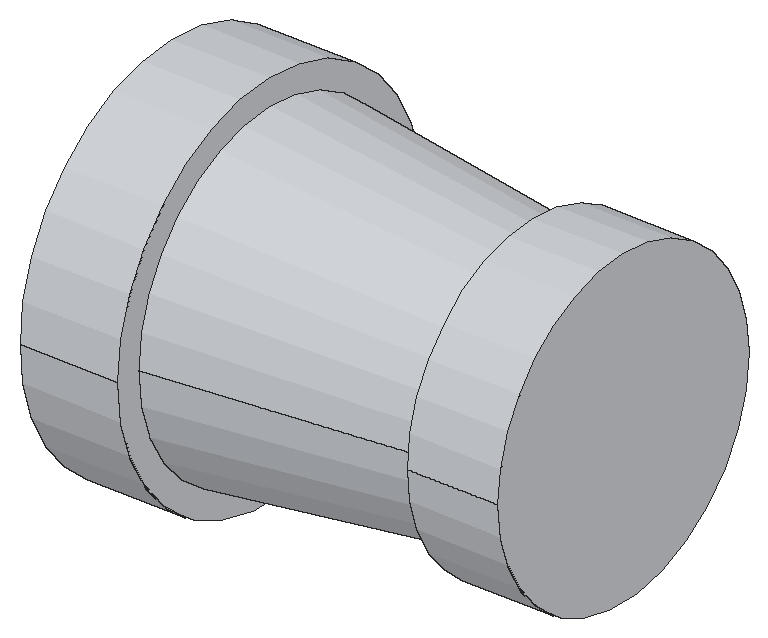
Revit family "M_Coupling Concentric Reducing - Threaded - MI - Class 150", category Pipe Fittings, Revit 2014
Parameters (values of type "Standard")
  Visibility 3 [instance] = Nominal Radius 1 = Nominal Radius 2  # no
  Visibility 2 [instance] = Nominal Radius 1 < Nominal Radius 2  # no
  Visibility 1 [instance] = Nominal Radius 1 > Nominal Radius 2  # yes
  Tick Size 2 [instance] = Fitting Outside Diameter 2 * 0.4  # 5.952 mm
  Tick Size 1 [instance] = Fitting Outside Diameter 1 * 0.4  # 7.408 mm
  Nominal Radius 2 [instance] = 3 mm
  Nominal Diameter 2 [instance] = Nominal Radius 2 * 2  # 6 mm
  Metal Thickness 2 [instance] = size_lookup(Lookup Table Name, "MThk", 0.05 * Nominal Diameter 2 + 2.084 mm, Nominal Diameter 2)  # 2.29 mm
  Max Nominal Diameter 12 [instance] = if(Nominal Radius 1 > Nominal Radius 2, Nominal Diameter 1, Nominal Diameter 2)  # 8 mm
  Lookup Table Name = "M_Coupling Concentric Reducing - Threaded - MI - Class 150"
  Length [instance] = size_lookup(Lookup Table Name, "Lgt", 0.94 * Max Nominal Diameter 12 + 19.546 mm, Max Nominal Diameter 12)  # 25.4 mm
  Nominal Radius 1 [instance] = 4 mm
  Nominal Diameter 1 [instance] = Nominal Radius 1 * 2  # 8 mm
  Metal Thickness 1 [instance] = size_lookup(Lookup Table Name, "MThk", 0.05 * Nominal Diameter 1 + 2.084 mm, Nominal Diameter 1)  # 2.41 mm
  Fitting Outside Radius 2 [instance] = Fitting Outside Diameter 2 / 2  # 7.44 mm
  Fitting Outside Radius 1 [instance] = Fitting Outside Diameter 1 / 2  # 9.26 mm
  Fitting Outside Diameter 2 [instance] = Fitting Inside Diameter 2 + Metal Thickness 2 * 2  # 14.88 mm
  Fitting Outside Diameter 1 [instance] = Fitting Inside Diameter 1 + Metal Thickness 1 * 2  # 18.52 mm
  Fitting Inside Diameter 2 [instance] = size_lookup(Lookup Table Name, "FID", 1.07 * Nominal Diameter 2 + 5.556 mm, Nominal Diameter 2)  # 10.3 mm
  Fitting Inside Diameter 1 [instance] = size_lookup(Lookup Table Name, "FID", 1.07 * Nominal Diameter 1 + 5.556 mm, Nominal Diameter 1)  # 13.7 mm
  Band Width 2 [instance] = size_lookup(Lookup Table Name, "BWid", 0.12 * Nominal Diameter 2 + 4.564 mm, Nominal Diameter 2)  # 5.1 mm
  Band Width 1 [instance] = size_lookup(Lookup Table Name, "BWid", 0.12 * Nominal Diameter 1 + 4.564 mm, Nominal Diameter 1)  # 5.5 mm
  Band Outside Radius 2 [instance] = Band Outside Diameter 2 / 2  # 8.8 mm
  Band Outside Radius 1 [instance] = Band Outside Diameter 1 / 2  # 10.7 mm
  Band Outside Diameter 2 [instance] = size_lookup(Lookup Table Name, "BOD", 1.23 * Nominal Diameter 2 + 12.402 mm, Nominal Diameter 2)  # 17.6 mm
  Band Outside Diameter 1 [instance] = size_lookup(Lookup Table Name, "BOD", 1.23 * Nominal Diameter 1 + 12.402 mm, Nominal Diameter 1)  # 21.4 mm
  Band Insulation Width 2 [instance] = if(Band Width 2 > Length, Length, Band Width 2)  # 5.1 mm
  Band Insulation Width 1 [instance] = if(Band Width 1 > Length, Length, Band Width 1)  # 5.5 mm
Reference planes
  plane 1 "Center (Front/Back)": y = 0
  plane 2: z = 0
  plane 3 "Center (Left/Right)": x = 0
  plane 4: x = 5.5
  plane 5: x = 20.3
  plane 6: x = 25.4
  plane 7: x = 5.5
  plane 8: x = 20.3
Forms (mm)
  Extrusion 1, solid, detail levels fine
    sketch origin (0, 0, 0) x (0, 1, 0) y (0, 0, 1)
      loop
        circle (0, 0) r 10.7
    from 0 to 5.5
  Extrusion 2, solid, detail levels fine
    sketch origin (0, 0, 0) x (0, 1, 0) y (0, 0, 1)
      loop
        circle (0, 0) r 8.8
    from 20.3 to 25.4
  Blend 3, solid, detail levels fine
    base sketch origin (0, 0, 0) x (0, 1, 0) y (0, 0, 1)
      loop
        circle (0, 0) r 9.26
    top sketch origin (0, 0, 0) x (0, 1, 0) y (0, 0, 1)
      loop
        circle (0, 0) r 7.44
    from 5.5 to 20.3
Cuts and joins
  joined: Extrusion 1, Extrusion 2, Blend 3
Lines and regions (mm)
  model lines, visible <- "Visibility 3", detail levels coarse+medium
    curve 1: line (25.4, 0, 0) -> (0, 0, 0)
  model lines, detail levels coarse+medium
    curve 2: line (0, 7.408, 0) -> (0, -7.408, 0)
    curve 3: line (25.4, 5.952, 0) -> (25.4, -5.952, 0)
  model lines, visible <- "Visibility 1", detail levels coarse+medium
    curve 4: line (0, 7.408, 0) -> (25.4, 0, 0)
    curve 5: line (0, -7.408, 0) -> (25.4, 0, 0)
  model lines, visible <- "Visibility 2", detail levels coarse+medium
    curve 6: line (0, 0, 0) -> (25.4, 5.952, 0)
    curve 7: line (0, 0, 0) -> (25.4, -5.952, 0)
Dimensions and locks
  equal spacing: curve 2, plane 1 "Center (Front/Back)", curve 2
  equal spacing: curve 3, plane 1 "Center (Front/Back)", curve 3
  "Tick Size 1": plane 1 "Center (Front/Back)" to curve 2
  "Tick Size 2": plane 1 "Center (Front/Back)" to curve 3
  "Band Width 2": plane 5 to plane 6
  "Length": plane 3 "Center (Left/Right)" to plane 6
  "Band Width 1": plane 3 "Center (Left/Right)" to plane 4
  "Band Insulation Width 1": plane 3 "Center (Left/Right)" to plane 7
  "Band Insulation Width 2": plane 8 to plane 6
  "Band Outside Radius 1": radius of Extrusion 1 sketch curve
  "Band Outside Radius 2": radius of Extrusion 2 sketch curve
  "Fitting Outside Radius 1": radius of Blend 3 sketch curve
  "Fitting Outside Radius 2": radius of Blend 3 sketch curve
  aligned and locked: plane 2 to Extrusion 1 sketch curve
  aligned and locked: plane 1 "Center (Front/Back)" to Extrusion 1 sketch curve
  aligned and locked: plane 1 "Center (Front/Back)" to Extrusion 2 sketch curve
  aligned and locked: plane 2 to Extrusion 2 sketch curve
  aligned and locked: curve 1 to plane 1 "Center (Front/Back)"
  aligned and locked: plane 1 "Center (Front/Back)" to Blend 3 sketch curve  (x2)
  aligned and locked: plane 2 to Blend 3 sketch curve  (x2)
  aligned and locked: cut or joined group of Extrusion 1, Extrusion 2, Blend 3 to plane 6
  aligned and locked: plane 5 to cut or joined group of Extrusion 1, Extrusion 2, Blend 3
  aligned and locked: cut or joined group of Extrusion 1, Extrusion 2, Blend 3 to plane 5
  aligned and locked: plane 4 to cut or joined group of Extrusion 1, Extrusion 2, Blend 3
  aligned and locked: Extrusion 1 to plane 4
  aligned and locked: Extrusion 1 to plane 3 "Center (Left/Right)"
  aligned and locked: curve 2 to plane 3 "Center (Left/Right)"
  aligned and locked: plane 6 to curve 3
Connectors
  piping at (0, 0, 0), diameter 8, driven by "Nominal Radius 1"
    settings: on Extrusion 1, index 1, connector inside diameter 8 mm, connector length 0 mm, flow factor 0, pipe flow 0.0 L/s, pressure drop 0.0 Pa, fitting loss kfactor 0, connector angle 0.00°, fixture units 0, engagement length 0 mm, angle of deflection 0.00°, flow configuration 0, flow direction 0, fitting loss method 0, system type 28, joint type 0, gender type 0, connector reference index 2, connector utility 0, adjustable connector no, is connector primary yes, connector description ""
  piping at (25.4, 0, 0), diameter 6, driven by "Nominal Radius 2"
    settings: on Extrusion 2, index 2, connector inside diameter 6 mm, connector length 0 mm, flow factor 0, pipe flow 0.0 L/s, pressure drop 0.0 Pa, fitting loss kfactor 0, connector angle 0.00°, fixture units 0, engagement length 0 mm, angle of deflection 0.00°, flow configuration 0, flow direction 0, fitting loss method 0, system type 28, joint type 0, gender type 0, connector reference index 1, connector utility 0, adjustable connector no, is connector primary no, connector description ""
